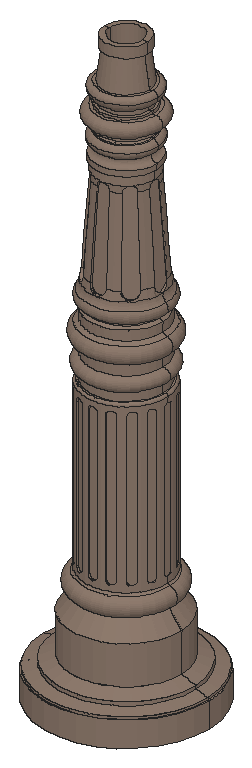
Revit family "CB1804-1", category Generic Models, Revit 2014
Parameters
  BASE = Bronze, Architectural
Reference planes (in)
  plane 1 "Center (Front/Back)": y = 0
  plane 2: z = 0
  plane 3 "Center (Left/Right)": x = 0
Forms (in)
  Revolve 1, solid, material "Bronze, Architectural" <- "BASE"
    sketch origin (0, 0, 0) x (1, 0, 0) y (0, 0, 1)
      loop
        line (-4.5, 10.33631) -> (-6, 8.46131) -> (-6, 4.30655) -> (-7.5, 3.6875) -> (-7.5, 3.3125) -> (-8.875, 3) -> (-8.875, 2.75) -> (-9, 2.75) -> (-9, 0) -> (-8.5, 0) -> (-8.375, 0.25) -> (-5.5, 0.25) -> (-5.5, 1) -> (-8.55357, 1) -> (-8.4472, 2.48919)
        arc (-8.4472, 2.48919) -> (-8.40831, 2.60629) -> (-8.31815, 2.69053) r 0.25
        line (-8.31815, 2.69053) -> (-5.25, 4.375) -> (-5.25, 7) -> (-5.625, 7) -> (-5.625, 8.46131) -> (-4.30478, 10.18014)
        arc (-4.30478, 10.18014) -> (-4.27746, 10.44327) -> (-4.5, 10.58631) r 0.25245
        arc (-4.5, 10.58631) -> (-5.2462, 11.26093) -> (-4.65, 12.07116) r 0.75
        arc (-4.65, 12.07116) -> (-4.3627, 12.24483) -> (-4.25, 12.56105) r 0.5
        line (-4.25, 12.56105) -> (-4.25, 30.46131)
        arc (-4.25, 30.46131) -> (-4.21339, 30.5497) -> (-4.125, 30.58631) r 0.125
        line (-4.125, 30.58631) -> (-3.8125, 30.58631)
        arc (-3.8125, 30.58631) -> (-3.76831, 30.60462) -> (-3.75, 30.64881) r 0.0625
        line (-3.75, 30.64881) -> (-3.75, 30.71131) -> (-2.0625, 30.71131) -> (-2.0625, 31.83631) -> (-2.5625, 31.83631) -> (-2.5625, 33.02381) -> (-2.9375, 33.02381) -> (-2.9375, 34.33631)
        arc (-2.9375, 34.33631) -> (-3.08395, 34.68986) -> (-3.4375, 34.83631) r 0.5
        line (-3.4375, 34.83631) -> (-4, 34.83631)
        arc (-4, 34.83631) -> (-4.25, 35.08631) -> (-4, 35.33631) r 0.25
        arc (-4, 35.33631) -> (-3.73483, 35.44614) -> (-3.625, 35.71131) r 0.375
        line (-3.625, 35.71131) -> (-3.625, 35.94025)
        arc (-3.625, 35.94025) -> (-3.59503, 36.11077) -> (-3.5087, 36.26084) r 0.5
        arc (-3.5087, 36.26084) -> (-3.04342, 36.92219) -> (-2.69373, 37.65129) r 4.88037
        arc (-2.69373, 37.65129) -> (-2.60145, 37.97103) -> (-2.56347, 38.30166) r 2
        line (-2.56347, 38.30166) -> (-1.75773, 64.21131) -> (-2.3125, 64.21131) -> (-2.3125, 63.08631) -> (-2.0625, 63.08631) -> (-2.53125, 59.71131) -> (-2.875, 59.71131)
        arc (-2.875, 59.71131) -> (-3.24715, 59.54641) -> (-3.375, 59.15997) r 0.50239
        arc (-3.375, 59.15997) -> (-3.09665, 58.53885) -> (-2.5, 58.21131) r 1.06987
        line (-2.5, 58.21131) -> (-2.5, 57.71131) -> (-2.875, 57.71131) -> (-2.875, 57.46131) -> (-3.1875, 57.40621)
        arc (-3.1875, 57.40621) -> (-3.90995, 56.68376) -> (-3.1875, 55.96131) r 0.72245
        line (-3.1875, 55.96131) -> (-3.1875, 55.58631) -> (-2.70058, 55.37673)
        arc (-2.70058, 55.37673) -> (-2.63483, 55.18591) -> (-2.79027, 55.05717) r 0.17731
        line (-2.79027, 55.05717) -> (-2.97805, 55.02406)
        arc (-2.97805, 55.02406) -> (-3.28783, 54.81746) -> (-3.4375, 54.4765) r 0.66336
        arc (-3.4375, 54.4765) -> (-3.33008, 54.03057) -> (-2.95236, 53.77032) r 0.64159
        arc (-2.95236, 53.77032) -> (-2.82393, 53.70318) -> (-2.74196, 53.58367) r 0.3
        arc (-2.74196, 53.58367) -> (-2.81359, 53.02823) -> (-3.3125, 52.77381) r 0.60007
        line (-3.3125, 52.77381) -> (-3.3125, 52.21131) -> (-3.0625, 52.21131) -> (-3.14, 51.21131)
        arc (-3.14, 51.21131) -> (-3.11454, 50.86802) -> (-3.11838, 50.52381) r 4.04174
        line (-3.11838, 50.52381) -> (-3.8046, 41.35417)
        arc (-3.8046, 41.35417) -> (-3.8684, 40.90387) -> (-3.97314, 40.46131) r 4.96486
        arc (-3.97314, 40.46131) -> (-4.05746, 40.01487) -> (-4.294, 39.62697) r 1.26567
        arc (-4.294, 39.62697) -> (-4.42893, 38.75399) -> (-3.6875, 38.27381) r 0.8125
        line (-3.6875, 38.27381) -> (-3.6875, 37.99256) -> (-4, 37.71131) -> (-4, 36.71131) -> (-4.502, 36.41992)
        arc (-4.502, 36.41992) -> (-4.96563, 35.29512) -> (-4, 34.55506) r 1
        line (-4, 34.55506) -> (-4, 33.33631)
        arc (-4, 33.33631) -> (-4.75, 32.58631) -> (-4, 31.83631) r 0.75
        line (-4, 31.83631) -> (-4, 30.83631) -> (-4.25, 30.83631)
        arc (-4.25, 30.83631) -> (-4.42678, 30.76309) -> (-4.5, 30.58631) r 0.25
        line (-4.5, 30.58631) -> (-4.5, 12.56105)
        arc (-4.5, 12.56105) -> (-4.55635, 12.40294) -> (-4.7, 12.31611) r 0.25
        arc (-4.7, 12.31611) -> (-5.49494, 11.2358) -> (-4.5, 10.33631) r 1
      axis (0, 64.21131) -> (0, 0)
    angle from 0 to 360
  Extrusion 2, void
    sketch origin (0, 0, 0) x (1, 0, 0) y (0, 0, 1)
      loop
        line (0.5, 13.71131) -> (0.5, 29.58631)
        arc (0.5, 29.58631) -> (0, 30.08631) -> (-0.5, 29.58631) r 0.5
        line (-0.5, 29.58631) -> (-0.5, 13.71131)
        arc (-0.5, 13.71131) -> (0, 13.21131) -> (0.5, 13.71131) r 0.5
    from 4.36007 to 4.66161
  Extrusion 3, void
    sketch origin (0, -3.20567, -0.10807) x (1, 0, 0) y (0, 0.069756, 0.997564)
      loop
        arc (0.6875, 50.52381) -> (0, 51.21131) -> (-0.6875, 50.52381) r 0.6875
        line (-0.6875, 50.52381) -> (-0.87482, 41.37207)
        arc (-0.87482, 41.37207) -> (0, 40.47917) -> (0.87482, 41.37207) r 0.875
        line (0.87482, 41.37207) -> (0.6875, 50.52381)
    from 3.24852 to 3.83173
  Extrusion 4, void
    sketch origin (0, 3.20567, -0.10807) x (-1, 0, 0) y (0, -0.069756, 0.997564)
      loop
        arc (0.6875, 50.52381) -> (0, 51.21131) -> (-0.6875, 50.52381) r 0.6875
        line (-0.6875, 50.52381) -> (-0.87482, 41.37207)
        arc (-0.87482, 41.37207) -> (0, 40.47917) -> (0.87482, 41.37207) r 0.875
        line (0.87482, 41.37207) -> (0.6875, 50.52381)
    from 3.24852 to 3.83173
  Extrusion 5, void
    sketch origin (2.26675, -2.26675, -0.10807) x (0.707107, 0.707107, 0) y (-0.049325, 0.049325, 0.997564)
      loop
        arc (0.6875, 50.52381) -> (0, 51.21131) -> (-0.6875, 50.52381) r 0.6875
        line (-0.6875, 50.52381) -> (-0.87482, 41.37207)
        arc (-0.87482, 41.37207) -> (0, 40.47917) -> (0.87482, 41.37207) r 0.875
        line (0.87482, 41.37207) -> (0.6875, 50.52381)
    from 3.24852 to 3.83173
  Extrusion 6, void
    sketch origin (-2.26675, 2.26675, -0.10807) x (-0.707107, -0.707107, 0) y (0.049325, -0.049325, 0.997564)
      loop
        arc (0.6875, 50.52381) -> (0, 51.21131) -> (-0.6875, 50.52381) r 0.6875
        line (-0.6875, 50.52381) -> (-0.87482, 41.37207)
        arc (-0.87482, 41.37207) -> (0, 40.47917) -> (0.87482, 41.37207) r 0.875
        line (0.87482, 41.37207) -> (0.6875, 50.52381)
    from 3.24852 to 3.83173
  Extrusion 7, void
    sketch origin (3.20567, 0, -0.10807) x (0, 1, 0) y (-0.069756, 0, 0.997564)
      loop
        arc (0.6875, 50.52381) -> (0, 51.21131) -> (-0.6875, 50.52381) r 0.6875
        line (-0.6875, 50.52381) -> (-0.87482, 41.37207)
        arc (-0.87482, 41.37207) -> (0, 40.47917) -> (0.87482, 41.37207) r 0.875
        line (0.87482, 41.37207) -> (0.6875, 50.52381)
    from 3.24852 to 3.83173
  Extrusion 8, void
    sketch origin (-3.20567, 0, -0.10807) x (0, -1, 0) y (0.069756, 0, 0.997564)
      loop
        arc (0.6875, 50.52381) -> (0, 51.21131) -> (-0.6875, 50.52381) r 0.6875
        line (-0.6875, 50.52381) -> (-0.87482, 41.37207)
        arc (-0.87482, 41.37207) -> (0, 40.47917) -> (0.87482, 41.37207) r 0.875
        line (0.87482, 41.37207) -> (0.6875, 50.52381)
    from 3.24852 to 3.83173
  Extrusion 9, void
    sketch origin (2.26675, 2.26675, -0.10807) x (-0.707107, 0.707107, 0) y (-0.049325, -0.049325, 0.997564)
      loop
        arc (0.6875, 50.52381) -> (0, 51.21131) -> (-0.6875, 50.52381) r 0.6875
        line (-0.6875, 50.52381) -> (-0.87482, 41.37207)
        arc (-0.87482, 41.37207) -> (0, 40.47917) -> (0.87482, 41.37207) r 0.875
        line (0.87482, 41.37207) -> (0.6875, 50.52381)
    from 3.24852 to 3.83173
  Extrusion 10, void
    sketch origin (-2.26675, -2.26675, -0.10807) x (0.707107, -0.707107, 0) y (0.049325, 0.049325, 0.997564)
      loop
        arc (0.6875, 50.52381) -> (0, 51.21131) -> (-0.6875, 50.52381) r 0.6875
        line (-0.6875, 50.52381) -> (-0.87482, 41.37207)
        arc (-0.87482, 41.37207) -> (0, 40.47917) -> (0.87482, 41.37207) r 0.875
        line (0.87482, 41.37207) -> (0.6875, 50.52381)
    from 3.24852 to 3.83173
  Extrusion 11, void
    sketch origin (0, 0, 0) x (-1, 0, 0) y (0, 0, 1)
      loop
        line (0.5, 13.71131) -> (0.5, 29.58631)
        arc (0.5, 29.58631) -> (0, 30.08631) -> (-0.5, 29.58631) r 0.5
        line (-0.5, 29.58631) -> (-0.5, 13.71131)
        arc (-0.5, 13.71131) -> (0, 13.21131) -> (0.5, 13.71131) r 0.5
    from 4.36007 to 4.66161
  Extrusion 12, void
    sketch origin (0, 0, 0) x (0.92388, 0.382683, 0) y (0, 0, 1)
      loop
        line (0.5, 13.71131) -> (0.5, 29.58631)
        arc (0.5, 29.58631) -> (0, 30.08631) -> (-0.5, 29.58631) r 0.5
        line (-0.5, 29.58631) -> (-0.5, 13.71131)
        arc (-0.5, 13.71131) -> (0, 13.21131) -> (0.5, 13.71131) r 0.5
    from 4.36007 to 4.66161
  Extrusion 13, void
    sketch origin (0, 0, 0) x (-0.92388, -0.382683, 0) y (0, 0, 1)
      loop
        line (0.5, 13.71131) -> (0.5, 29.58631)
        arc (0.5, 29.58631) -> (0, 30.08631) -> (-0.5, 29.58631) r 0.5
        line (-0.5, 29.58631) -> (-0.5, 13.71131)
        arc (-0.5, 13.71131) -> (0, 13.21131) -> (0.5, 13.71131) r 0.5
    from 4.36007 to 4.66161
  Extrusion 14, void
    sketch origin (0, 0, 0) x (0.707107, 0.707107, 0) y (0, 0, 1)
      loop
        line (0.5, 13.71131) -> (0.5, 29.58631)
        arc (0.5, 29.58631) -> (0, 30.08631) -> (-0.5, 29.58631) r 0.5
        line (-0.5, 29.58631) -> (-0.5, 13.71131)
        arc (-0.5, 13.71131) -> (0, 13.21131) -> (0.5, 13.71131) r 0.5
    from 4.36007 to 4.66161
  Extrusion 15, void
    sketch origin (0, 0, 0) x (-0.707107, -0.707107, 0) y (0, 0, 1)
      loop
        line (0.5, 13.71131) -> (0.5, 29.58631)
        arc (0.5, 29.58631) -> (0, 30.08631) -> (-0.5, 29.58631) r 0.5
        line (-0.5, 29.58631) -> (-0.5, 13.71131)
        arc (-0.5, 13.71131) -> (0, 13.21131) -> (0.5, 13.71131) r 0.5
    from 4.36007 to 4.66161
  Extrusion 16, void
    sketch origin (0, 0, 0) x (0.382683, 0.92388, 0) y (0, 0, 1)
      loop
        line (0.5, 13.71131) -> (0.5, 29.58631)
        arc (0.5, 29.58631) -> (0, 30.08631) -> (-0.5, 29.58631) r 0.5
        line (-0.5, 29.58631) -> (-0.5, 13.71131)
        arc (-0.5, 13.71131) -> (0, 13.21131) -> (0.5, 13.71131) r 0.5
    from 4.36007 to 4.66161
  Extrusion 17, void
    sketch origin (0, 0, 0) x (-0.382683, -0.92388, 0) y (0, 0, 1)
      loop
        line (0.5, 13.71131) -> (0.5, 29.58631)
        arc (0.5, 29.58631) -> (0, 30.08631) -> (-0.5, 29.58631) r 0.5
        line (-0.5, 29.58631) -> (-0.5, 13.71131)
        arc (-0.5, 13.71131) -> (0, 13.21131) -> (0.5, 13.71131) r 0.5
    from 4.36007 to 4.66161
  Extrusion 18, void
    sketch origin (0, 0, 0) x (0, 1, 0) y (0, 0, 1)
      loop
        line (0.5, 13.71131) -> (0.5, 29.58631)
        arc (0.5, 29.58631) -> (0, 30.08631) -> (-0.5, 29.58631) r 0.5
        line (-0.5, 29.58631) -> (-0.5, 13.71131)
        arc (-0.5, 13.71131) -> (0, 13.21131) -> (0.5, 13.71131) r 0.5
    from 4.36007 to 4.66161
  Extrusion 19, void
    sketch origin (0, 0, 0) x (0, -1, 0) y (0, 0, 1)
      loop
        line (0.5, 13.71131) -> (0.5, 29.58631)
        arc (0.5, 29.58631) -> (0, 30.08631) -> (-0.5, 29.58631) r 0.5
        line (-0.5, 29.58631) -> (-0.5, 13.71131)
        arc (-0.5, 13.71131) -> (0, 13.21131) -> (0.5, 13.71131) r 0.5
    from 4.36007 to 4.66161
  Extrusion 20, void
    sketch origin (0, 0, 0) x (-0.382683, 0.92388, 0) y (0, 0, 1)
      loop
        line (0.5, 13.71131) -> (0.5, 29.58631)
        arc (0.5, 29.58631) -> (0, 30.08631) -> (-0.5, 29.58631) r 0.5
        line (-0.5, 29.58631) -> (-0.5, 13.71131)
        arc (-0.5, 13.71131) -> (0, 13.21131) -> (0.5, 13.71131) r 0.5
    from 4.36007 to 4.66161
  Extrusion 21, void
    sketch origin (0, 0, 0) x (0.382683, -0.92388, 0) y (0, 0, 1)
      loop
        line (0.5, 13.71131) -> (0.5, 29.58631)
        arc (0.5, 29.58631) -> (0, 30.08631) -> (-0.5, 29.58631) r 0.5
        line (-0.5, 29.58631) -> (-0.5, 13.71131)
        arc (-0.5, 13.71131) -> (0, 13.21131) -> (0.5, 13.71131) r 0.5
    from 4.36007 to 4.66161
  Extrusion 22, void
    sketch origin (0, 0, 0) x (-0.707107, 0.707107, 0) y (0, 0, 1)
      loop
        line (0.5, 13.71131) -> (0.5, 29.58631)
        arc (0.5, 29.58631) -> (0, 30.08631) -> (-0.5, 29.58631) r 0.5
        line (-0.5, 29.58631) -> (-0.5, 13.71131)
        arc (-0.5, 13.71131) -> (0, 13.21131) -> (0.5, 13.71131) r 0.5
    from 4.36007 to 4.66161
  Extrusion 23, void
    sketch origin (0, 0, 0) x (0.707107, -0.707107, 0) y (0, 0, 1)
      loop
        line (0.5, 13.71131) -> (0.5, 29.58631)
        arc (0.5, 29.58631) -> (0, 30.08631) -> (-0.5, 29.58631) r 0.5
        line (-0.5, 29.58631) -> (-0.5, 13.71131)
        arc (-0.5, 13.71131) -> (0, 13.21131) -> (0.5, 13.71131) r 0.5
    from 4.36007 to 4.66161
  Extrusion 24, void
    sketch origin (0, 0, 0) x (-0.92388, 0.382683, 0) y (0, 0, 1)
      loop
        line (0.5, 13.71131) -> (0.5, 29.58631)
        arc (0.5, 29.58631) -> (0, 30.08631) -> (-0.5, 29.58631) r 0.5
        line (-0.5, 29.58631) -> (-0.5, 13.71131)
        arc (-0.5, 13.71131) -> (0, 13.21131) -> (0.5, 13.71131) r 0.5
    from 4.36007 to 4.66161
  Extrusion 25, void
    sketch origin (0, 0, 0) x (0.92388, -0.382683, 0) y (0, 0, 1)
      loop
        line (0.5, 13.71131) -> (0.5, 29.58631)
        arc (0.5, 29.58631) -> (0, 30.08631) -> (-0.5, 29.58631) r 0.5
        line (-0.5, 29.58631) -> (-0.5, 13.71131)
        arc (-0.5, 13.71131) -> (0, 13.21131) -> (0.5, 13.71131) r 0.5
    from 4.36007 to 4.66161
Cuts and joins
  Extrusion 2, Extrusion 3, Extrusion 4, Extrusion 5, Extrusion 6, Extrusion 7, Extrusion 8, Extrusion 9, Extrusion 10, Extrusion 11, Extrusion 12, Extrusion 13, Extrusion 14, Extrusion 15, Extrusion 16, Extrusion 17, Extrusion 18, Extrusion 19, Extrusion 20, Extrusion 21, Extrusion 22, Extrusion 23, Extrusion 24, Extrusion 25 cuts Revolve 1
Lines and regions (in)
  model lines
    curve 1: arc (0.6875, 0, 50.52381) -> (0, 0, 51.21131) -> (-0.6875, 0, 50.52381) r 0.6875
Dimensions and locks (in)
  aligned and locked: plane 2 to level
